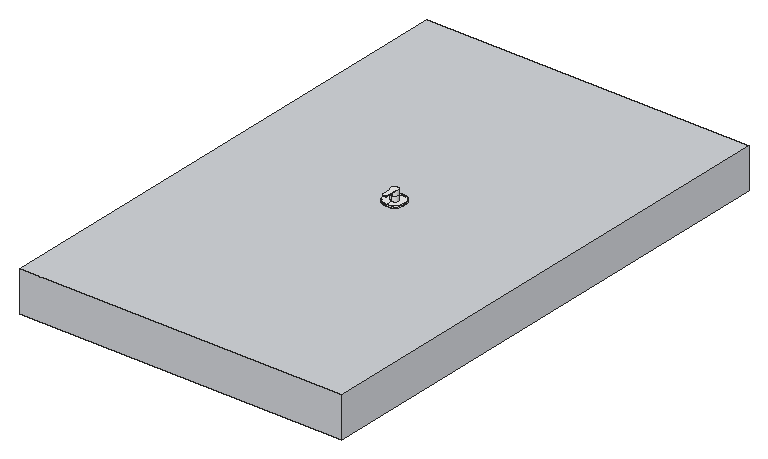
Revit family "Trim-Wall_Hung-Grohe-Lineare-29330_Series", category Plumbing Fixtures, host Face, Revit 2014
Parameters (values of type "29330000")
  Width = 6 5/16"  # constant formula
  Waste Connection = no
  Warranty Documentation Link = "https://cdn.cloud.grohe.com/tpi/1000/1900/1940/1949/1949006/original/1949006.pdf"
  WFU = 2  # constant formula
  Vent Connection = no
  URL = "https://www.grohe.com"
  Type Comments = ""
  Tempered Connection Radius = Tempered Connection Diameter / 2  # 1/4"
  Tempered Connection Diameter = Hot Water Connection Diameter  # 1/2"
  Shipping Weight = 0.000 lbf
  Product Page URL = ""
  Price = "Prices may vary. Please consult Manufacturer Representative for most up-to-date price list."  # constant formula
  Model = "29330000"
  Material = "Brass-Grohe-000-Starlight Chrome"
  Manufacturer = "Grohe"
  Length = 3 3/16"  # constant formula
  Installation Type = "Wall Mounted"
  Hot Water Connection Radius = Hot Water Connection Diameter / 2  # 1/4"
  Hot Water Connection Diameter = Cold Water Connection Diameter  # 1/2"
  HWFU = 1.5  # constant formula
  HW Connection = yes
  Flow Rate = ""
  Finish = Brass-Grohe-000-Starlight Chrome
  Description = "Lineare Pressure Balance Trim with Cartridge"  # constant formula
  Default Elevation = 44"  # constant formula
  Creation Date = "03/11/2020"  # constant formula
  Cold Water Connection Radius = 1/4"  # constant formula
  Cold Water Connection Diameter = Cold Water Connection Radius * 2  # 1/2"
  CWFU = 1.5  # constant formula
  CW Connection = yes
  Assembly Code = "D2010710"
Types (2): name | Model | Material | Finish
  29330000 | "29330000" | "Brass-Grohe-000-Starlight Chrome" | Brass-Grohe-000-Starlight Chrome
  29330EN0 | "29330EN0" | "Brass-Grohe-EN0-Brushed Nickel" | Brass-Grohe-EN0-Brushed Nickel
Reference planes (in)
  plane 1 "Center (Front/Back)": y = 0
  plane 2: z = 0
  plane 3 "Center (Left/Right)": x = 0
  plane 4: x = -3.34375
  plane 5: x = 3.34375
  plane 6: z = 0.5625
  plane 7: y = 3.15625
  plane 8: y = -3.15625
  plane 9: z = 0.375
  plane 10: z = 3.1875
  plane 11: y = 3.15625
  plane 12: y = -3.65625
Forms (in)
  Extrusion 1, solid
    sketch origin (0, 0, 0) x (1, 0, 0) y (0, 1, 0)
      loop
        line (-48, 72) -> (-48, -79.70833) -> (48, -79.70833) -> (48, 72) -> (-48, 72)
    from 0 to -12
  Revolve 2, solid, material "Brass-Grohe-000-Starlight Chrome" <- "Finish"
    sketch origin (0, 0, 0) x (0, 1, 0) y (0, 0, 1)
      loop
        line (3.15625, 0) -> (3.15625, 0.3129)
        arc (3.15625, 0.3129) -> (3.13907, 0.35544) -> (3.09717, 0.37412) r 0.06125
        arc (3.09717, 0.37412) -> (2.07799, 0.40635) -> (1.05859, 0.43059) r 130.00446
        line (1.05859, 0.43059) -> (1.05859, 2.02407) -> (1.00577, 2.02407) -> (1.00577, 2.05706) -> (1.05859, 2.05706) -> (1.05859, 3.1875) -> (0, 3.1875) -> (0, 0) -> (3.15625, 0)
      axis (0, 3.1875) -> (0, 0)
    angle from 0 to 360
  Extrusion 3, solid, material "Brass-Grohe-000-Starlight Chrome" <- "Finish"
    sketch origin (0, 0, 0) x (1, 0, 0) y (0, 1, 0)
      loop
        circle (-0.61402, 0) r 0.25
      loop
        circle (0.61402, 0) r 0.25
    from 0 to 0.0625
  Extrusion 4, solid, material "Brass-Grohe-000-Starlight Chrome" <- "Finish"
    sketch origin (0, 0, 0.3125) x (1, 0, 0) y (0, 0, 1)
      loop
        line (-0.62305, 2.875) -> (-0.62305, 2.75164)
        arc (-0.62305, 2.75164) -> (0, 2.61899) -> (0.62305, 2.75164) r 1.52959
        line (0.62305, 2.75164) -> (0.62305, 2.875) -> (-0.62305, 2.875)
    from 0 to 3.65625
  Extrusion 5, void
    sketch origin (0, 0, 0) x (1, 0, 0) y (0, 1, 0)
      loop
        line (-0.62305, -3.57891) -> (-0.62305, -3.65625) -> (-0.5457, -3.65625)
        arc (-0.5457, -3.65625) -> (-0.60039, -3.6336) -> (-0.62305, -3.57891) r 0.07734
      loop
        arc (0.62305, -3.57891) -> (0.60039, -3.6336) -> (0.5457, -3.65625) r 0.07734
        line (0.5457, -3.65625) -> (0.62305, -3.65625) -> (0.62305, -3.57891)
    from 2.46509 to 3.1875
Cuts and joins
  Extrusion 5 cuts Extrusion 4
  joined: Revolve 2, Extrusion 3, Extrusion 4
Lines and regions (in)
  Masking region 1
    outline origin (0, 0, 0) x (1, 0, 0) y (0, 0, 1)
      loop
        line (-3.15751, 0) -> (3.15751, 0) -> (3.15751, 0.31611)
        arc (3.15751, 0.31611) -> (3.14029, 0.35882) -> (3.09827, 0.37766) r 0.0616
        arc (3.09827, 0.37766) -> (2.07859, 0.41068) -> (1.05859, 0.43149) r 85.24867
        line (1.05859, 0.43149) -> (1.05859, 2.02407) -> (1.00577, 2.02407) -> (1.00577, 2.05706) -> (1.05859, 2.05706) -> (1.05859, 3.1875) -> (-1.05859, 3.1875) -> (-1.05859, 2.05706) -> (-1.00577, 2.05706) -> (-1.00577, 2.02407) -> (-1.05859, 2.02407) -> (-1.05859, 0.43149)
        arc (-1.05859, 0.43149) -> (-2.07859, 0.41068) -> (-3.09827, 0.37766) r 85.24867
        arc (-3.09827, 0.37766) -> (-3.14029, 0.35882) -> (-3.15751, 0.31611) r 0.0616
        line (-3.15751, 0.31611) -> (-3.15751, 0)
  symbolic lines, detail levels fine
    curve 1: line (1.05859, 0, 0.43059) -> (-1.05859, 0, 0.43059)
    curve 2: line (-1.00577, 0, 2.02407) -> (1.00577, 0, 2.02407)
    curve 3: line (-1.00577, 0, 2.05706) -> (1.00577, 0, 2.05706)
Dimensions and locks (in)
  plane 6 to level = 9/16"
  plane 7 to plane 8 = 6 5/16"
  "Hot Water Connection Diameter": diameter of Extrusion 3 sketch curve
  "Cold Water Connection Diameter": diameter of Extrusion 3 sketch curve
  radius of Extrusion 4 sketch curve = 1.52959"
  aligned and locked: plane 2 to Extrusion 1
  aligned and locked: level to Extrusion 1
  aligned and locked: Revolve 2 sketch curve to plane 1 "Center (Front/Back)"
  aligned and locked: Masking region 1 to curve 3
  aligned and locked: Masking region 1 to curve 2
  aligned and locked: curve 3 to cut or joined group of Revolve 2, Extrusion 3, Extrusion 4, Extrusion 5
  aligned and locked: curve 2 to cut or joined group of Revolve 2, Extrusion 3, Extrusion 4, Extrusion 5
Automatic sketch dimensions
  curve 1 to plane 6 = 0.13191"
  curve 1 to curve 2 = 0.05283"
  curve 2 to curve 1 = 0.05283"
  Extrusion 1 sketch curve to Extrusion 1 sketch curve = 96"
  Extrusion 1 sketch curve to Extrusion 1 sketch curve = 151.70833"
  Revolve 2 sketch curve to plane 1 "Center (Front/Back)" = 0"
  Revolve 2 sketch curve to plane 10 = 0"
  Revolve 2 sketch curve to plane 7 = 0"
  Revolve 2 sketch curve to level = 0"
  plane 1 "Center (Front/Back)" to Revolve 2 sketch curve = 1.52243"
  Revolve 2 sketch curve to plane 1 "Center (Front/Back)" = 1.00577"
  plane 9 to Revolve 2 sketch curve = 0.05559"
  Revolve 2 sketch curve to plane 1 "Center (Front/Back)" = 1 15/256"  (x2)
  Revolve 2 sketch curve to plane 7 = 0.06125"
  Revolve 2 sketch curve to level = 129.54824"
  Revolve 2 sketch curve to plane 9 = 0.0621"
  Revolve 2 sketch curve to Revolve 2 sketch curve = 2.80835"
  Revolve 2 sketch curve to Revolve 2 sketch curve = 0.35576"
  plane 1 "Center (Front/Back)" to Extrusion 3 sketch curve = 0"  (x2)
  Extrusion 3 sketch curve to plane 3 "Center (Left/Right)" = 0.61402"
  plane 3 "Center (Left/Right)" to Extrusion 3 sketch curve = 0.61402"
  Extrusion 4 sketch curve to plane 3 "Center (Left/Right)" = 0"
  Extrusion 4 sketch curve to plane 3 "Center (Left/Right)" = 0.62305"
  plane 3 "Center (Left/Right)" to Extrusion 4 sketch curve = 0.62305"
  Extrusion 4 sketch curve to Extrusion 4 sketch curve = 0.12336"
  plane 6 to Extrusion 4 sketch curve = 2.50164"
  plane 6 to Revolve 2 sketch curve = 1.46157"
  Revolve 2 sketch curve to Revolve 2 sketch curve = 0.03299"
  plane 12 to Extrusion 5 sketch curve = 0"  (x4)
  Extrusion 5 sketch curve to plane 3 "Center (Left/Right)" = 0.62305"
  Extrusion 5 sketch curve to Extrusion 5 sketch curve = 0.07734"  (x2)
  Extrusion 5 sketch curve to plane 12 = 0.07734"  (x2)
  plane 3 "Center (Left/Right)" to Extrusion 5 sketch curve = 0.5457"
  Extrusion 5 sketch curve to Extrusion 5 sketch curve = 0"  (x4)
  Masking region 1 sketch curve to level = 0"
  plane 4 to Masking region 1 sketch curve = 0.18624"
  Masking region 1 sketch curve to Masking region 1 sketch curve = 0.0616"  (x2)
  Masking region 1 sketch curve to plane 6 = 0.13101"  (x2)
  Masking region 1 sketch curve to plane 3 "Center (Left/Right)" = 1 15/256"
  Masking region 1 sketch curve to Masking region 1 sketch curve = 0"  (x3)
  Masking region 1 sketch curve to Masking region 1 sketch curve = 0.05283"  (x2)
  Masking region 1 sketch curve to plane 3 "Center (Left/Right)" = 0.17023"
  plane 3 "Center (Left/Right)" to Masking region 1 sketch curve = 0.17023"
  plane 3 "Center (Left/Right)" to Masking region 1 sketch curve = 1.00577"
  plane 5 to Masking region 1 sketch curve = 0.24784"
  Masking region 1 sketch curve to level = 84.80833"
  Masking region 1 sketch curve to plane 6 = 0.24639"  (x2)
  plane 6 to Masking region 1 sketch curve = 1.46157"  (x2)
  Masking region 1 sketch curve to Masking region 1 sketch curve = 0.03299"  (x2)
  Masking region 1 sketch curve to Masking region 1 sketch curve = 1.13044"
  curve 3 to plane 3 "Center (Left/Right)" = 1.00577"
  curve 2 to curve 3 = 0"
Connectors (in)
  piping at (-0.61402, 0, 0), diameter 0.5, driven by "Hot Water Connection Diameter"
    settings: on Extrusion 3, index 1, connector inside diameter 24", connector length 0", flow factor 0, pipe flow 0 GPM, pressure drop 0.00 psi, fitting loss kfactor 0, connector angle 0.00°, fixture units 0, engagement length 0", angle of deflection 0.00°, flow configuration 0, flow direction 1, fitting loss method 0, system type 19, joint type 0, gender type 0, connector reference index -1, connector utility 0, adjustable connector no, is connector primary yes, connector description "1/2\" NPT HW Inlet"
  piping at (0.61402, 0, 0), diameter 0.5, driven by "Cold Water Connection Diameter"
    settings: on Extrusion 3, index 2, connector inside diameter 24", connector length 0", flow factor 0, pipe flow 0 GPM, pressure drop 0.00 psi, fitting loss kfactor 0, connector angle 0.00°, fixture units 0, engagement length 0", angle of deflection 0.00°, flow configuration 0, flow direction 1, fitting loss method 0, system type 20, joint type 0, gender type 0, connector reference index -1, connector utility 0, adjustable connector no, is connector primary no, connector description "1/2\" NPT CW Inlet"
